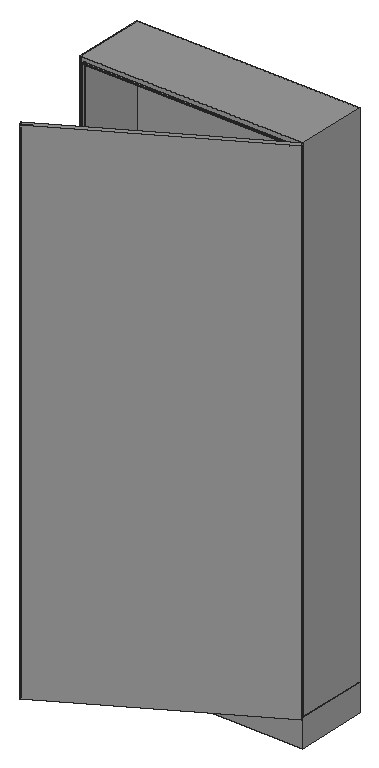
Revit family "Hager-Univers-IP55-D275-H1950-Cl.II-Steel_encl-NoHosted-BE-fr", category Electrical Equipment, Revit 2020
Family settings
  Panel Configuration = Two Columns, Circuits Across
  Round Connector Dimension = Use Diameter
  Part Type = Panelboard
  Work Plane-Based = Yes
  Always vertical = Yes
  Cut with Voids When Loaded = No
  Shared = No
  Room Calculation Point = No
Parameters (values of type "installation au sol IP55 L800 H1950 P275  - FR23S1")
  Width Control [instance] = if([EF000008 - largeur] > Min Width, [EF000008 - largeur], Min Width)  # 800 mm
  Type Comments = [HG000003 - Gamme]  # "Univers"
  Thickness Door [instance] = if([EF009171 - épaisseur de matériau de la porte/du couvercle] > 3 mm, 3 mm, [EF009171 - épaisseur de matériau de la porte/du couvercle])  # 1.5 mm
  Seal Frame Offset [instance] = 17 mm  # constant formula
  Plinth Visibility [instance] = [HG000027 - Hauteur du socle] > 0 mm  # yes
  Min Width [instance] = 100 mm  # constant formula
  Min Depth [instance] = (2 * [EF009170 - épaisseur de matériau du boîtier]) + 1 mm  # 4 mm
  Min Height [instance] = 100 mm  # constant formula
  Internal Frame Depth [instance] = (Door System Depth * 0.5)  # 9 mm
  Panel Name [instance] = ""  # (empty or 0)
  Model = ""
  HG000027 - Hauteur du socle = 100 mm
  HG000026 - Installation au sol = yes
  HG000024 - Hauteur de la section basse = 600 mm
  HG000023 - Armoire double section = no
  HG000016 - Visibilité de la porte 3D [instance] = yes
  HG000015 - Visibilité de l'emprise de la porte [instance] = no
  HG000014 - Porte à droite [instance] = yes
  HG000013 - Porte à gauche [instance] = not([HG000014 - Porte à droite])  # no
  HG000012 - Angle de pivotement de la porte [instance] = 30.00°
  HG000010 - Portes asymétriques = no
  HG000009 - Porte à double battant = no
  HG000006 - Encastré = no
  HG000004 - Référence fabricant = "FR23S1"
  HG000003 - Gamme = "Univers"
  HG000002 - avec porte = yes
  Frame Offset Bottom [instance] = 10 mm  # constant formula
  Frame Offset [instance] = 15 mm  # constant formula
  EF015940 - couvercle avec décharge de pression = no
  EF011959 - degré de protection (NEMA) = ""
  EF009554 - nombre d'ouvertures pour plaques à bride = 6
  EF009212 - finition du couvercle = "EV000116 - fermé"
  EF009171 - épaisseur de matériau de la porte/du couvercle = 1.5 mm
  EF009170 - épaisseur de matériau du boîtier = 1.5 mm
  EF008873 - courant nominal (In) = 800 A
  EF007800 - adapté à un parafoudre = no
  EF006306 - avec serrure = no
  EF006244 - couvercle/porte transparent(e) = no
  EF005474 - indice de protection (IP) = "EV006420 - IP55"
  EF004464 - type de porte = "EV002646 - unique"
  EF004427 - nombre de modules = 432
  EF004293 - indice de protection contre les chocs (IK) = "EV008784 - IK10"
  EF003532 - convient pour utilisation à l’extérieur = no
  EF002950 - largeur en nombre de modules = 24
  EF001613 - maintien de fonction = "EV000494 - sans"
  EF001596 - matériau du boîtier/corps = "EV000179 - acier"
  EF001131 - profondeur intérieure = 275 mm
  EF001088 - possibilité de montage en saillie = yes
  EF000437 - nombre d'entrées de conduit = 6
  EF000339 - type de capot = "EV004216 - porte"
  EF000266 - nombre de rangées = 12
  EF000218 - profondeur d'encastrement = 0 mm
  EF000118 - avec cadre/support de montage = no
  EF000116 - numéro RAL = "7035"
  EF000049 - profondeur = 275 mm
  EF000040 - hauteur = 1950 mm
  EF000008 - largeur = 800 mm
  EF000007 - couleur = "EV000270 - gris"
  EF000003 - mode de pose = "EV012274 - installation au sol"
  Door System Leaf Tolerance [instance] = 1.5 mm  # constant formula
  Door System Depth [instance] = 18 mm  # constant formula
  Door Height [instance] = Height Control - [HG000027 - Hauteur du socle]  # 1850 mm
  Description = ""
  Default Elevation = 1219.2 mm
  Connector Offset [instance] = Height Control / 2  # 975 mm
  Manufacturer = "Hager"  # constant formula
  Height Control [instance] = if([EF000040 - hauteur] > Min Height, [EF000040 - hauteur], Min Height)  # 1950 mm
  Depth Control [instance] = if([EF000049 - profondeur] > Min Depth, [EF000049 - profondeur], Min Depth)  # 275 mm
  Bottom Top Plate Trim [instance] = 1.5 mm  # constant formula
  Plinth height Ctrl [instance] = if([HG000027 - Hauteur du socle] > 0 mm, [HG000027 - Hauteur du socle], 12 mm)  # 100 mm
Types (11, lengths in mm): name | Width Control | HG000010 - Portes asymétriques | HG000009 - Porte à double battant | HG000004 - Référence fabricant | EF009554 - nombre d'ouvertures pour plaques à bride | EF006244 - couvercle/porte transparent(e) | EF004464 - type de porte | EF004427 - nombre de modules | EF000437 - nombre d'entrées de conduit | EF000008 - largeur
  installation au sol IP55 L1050 H1950 P275  - FR24L1 | 1050 | yes | yes | "FR24L1" | 8 | yes | "EV003602 - double" | 576 | 8 | 1050
  installation au sol IP55 L1050 H1950 P275  - FR24S1 | 1050 | yes | yes | "FR24S1" | 8 | no | "EV003602 - double" | 576 | 8 | 1050
  installation au sol IP55 L1300 H1950 P275  - FR25L1 | 1300 | yes | yes | "FR25L1" | 10 | yes | "EV003602 - double" | 720 | 10 | 1300
  installation au sol IP55 L1300 H1950 P275  - FR25S1 | 1300 | yes | yes | "FR25S1" | 10 | no | "EV003602 - double" | 720 | 10 | 1300
  installation au sol IP55 L1550 H1950 P275  - FR26L1 | 1550 | yes | yes | "FR26L1" | 12 | yes | "EV003602 - double" | 864 | 12 | 1550
  installation au sol IP55 L1550 H1950 P275  - FR26S1 | 1550 | yes | yes | "FR26S1" | 12 | no | "EV003602 - double" | 864 | 12 | 1550
  installation au sol IP55 L300 H1950 P275  - FR21S1 | 300 | no | no | "FR21S1" | 2 | no | "EV002646 - unique" | 144 | 2 | 300
  installation au sol IP55 L550 H1950 P275  - FR22L1 | 550 | no | no | "FR22L1" | 4 | yes | "EV002646 - unique" | 288 | 4 | 550
  installation au sol IP55 L550 H1950 P275  - FR22S1 | 550 | no | no | "FR22S1" | 4 | no | "EV002646 - unique" | 288 | 4 | 550
  installation au sol IP55 L800 H1950 P275  - FR23L1 | 800 | no | no | "FR23L1" | 6 | yes | "EV002646 - unique" | 432 | 6 | 800
  installation au sol IP55 L800 H1950 P275  - FR23S1 | 800 | no | no | "FR23S1" | 6 | no | "EV002646 - unique" | 432 | 6 | 800
Reference planes
  plane 1 "Center (Front/Back)": y = 0
  plane 2: z = 0
  plane 3 "Center (Left/Right)": x = 0
  plane 4: y = 0
  plane 5: y = 0
  plane 6: z = 0
  plane 7: x = -400
  plane 8: x = 400
  plane 9: x = 398.5
  plane 10: x = -398.5
  plane 11: z = 100
  plane 12: z = 101.5
  plane 13: y = -275
  plane 14: y = -1.5
  plane 15: x = 0
  plane 16: y = -257
  plane 17: y = -273.5
  plane 18: y = -255.5
  plane 19: x = -383.5
  plane 20: x = 383.5
  plane 21: z = 111.5
  plane 22: x = -383
  plane 23: x = 383
  plane 24: z = 100
  plane 25: z = 1950
  plane 26: z = 1950
  plane 27: z = 1933.5
  plane 28: z = 1948.5
Forms (mm)
  Extrusion 1, solid, material "Hager_Steel_RAL7035_Light_Grey", detail levels medium+fine
    sketch origin (-208.679, -4572, 100) x (-1, 0, 0) y (0, -1, 0)
      loop
        line (191.321, -4315) -> (-608.679, -4315) -> (-608.679, -4572) -> (191.321, -4572) -> (191.321, -4315)
    from 0 to 1850
  Extrusion 2, void
    sketch origin (-350.771, -275, 1219.2) x (1, 0, 0) y (0, 0, 1)
      loop
        line (-47.729, 729.3) -> (-47.729, -1117.7) -> (749.271, -1117.7) -> (749.271, 729.3) -> (-47.729, 729.3)
    from -19.5 to -273.5
  Extrusion 3, void
    sketch origin (-290.084, -257, 1219.2) x (1, 0, 0) y (0, 0, 1)
      loop
        line (-93.416, -1107.7) -> (673.584, -1107.7) -> (673.584, 714.3) -> (-93.416, 714.3) -> (-93.416, -1107.7)
    from 0 to -1.5
  Extrusion 4, solid, material "Hager_Steel_RAL7035_Light_Grey", visible <- "Plinth Visibility", detail levels medium+fine
    sketch origin (0, 0, 0) x (1, 0, 0) y (0, 1, 0)
      loop
        line (-400, 0) -> (-400, -257) -> (400, -257) -> (400, 0) -> (-400, 0)
    from 0 to 100 <- "Plinth height Ctrl"
  Extrusion 5, solid, material "Hager_Steel_RAL7035_Light_Grey", detail levels coarse
    sketch origin (0, 0, 0) x (1, 0, 0) y (0, 1, 0)
      loop
        line (-400, 0) -> (-400, -275) -> (400, -275) -> (400, 0) -> (-400, 0)
    from 0 to 1950 <- "Height Control"
  Sweep 6, void
    path in 3D
      loop
        line (-400, -257, 100) -> (400, -257, 100) -> (400, 0, 100) -> (-400, 0, 100) -> (-400, -257, 100)
    profile origin (-400, -128.5, 100) x (1, 0, 0) y (0, 0, 1)
      loop
        line (0, 0) -> (0, -1.5) -> (1.5, -1.5)
        arc (1.5, -1.5) -> (1.061, -0.439) -> (0, 0) r 1.5
  Extrusion 7, solid, material "Hager_Steel_RAL7035_Light_Grey", detail levels fine
    sketch origin (-400, -257, 100) x (1, 0, 0) y (0, 0, 1)
      loop
        line (16.5, 11.5) -> (783.5, 11.5) -> (783.5, 1833.5) -> (16.5, 1833.5) -> (16.5, 11.5)
      loop
        line (15, 10) -> (785, 10) -> (785, 1835) -> (15, 1835) -> (15, 10)
    from 0 to 9 <- "Internal Frame Depth"
Cuts and joins
  Extrusion 2, Extrusion 3 cuts Extrusion 1
  Sweep 6 cuts Extrusion 4
Lines and regions (mm)
  Masking region 1
    outline origin (0, 0, 0) x (1, 0, 0) y (0, 1, 0)
      loop
        line (-400, 0) -> (-400, -275) -> (400, -275) -> (400, 0) -> (-400, 0)
  Masking region 2, detail levels coarse
    outline origin (-290.084, -257, 1219.2) x (-1, 0, 0) y (0, 0, 1)
      loop
        line (-690.084, -1219.2) -> (109.916, -1219.2) -> (109.916, 730.8) -> (-690.084, 730.8) -> (-690.084, -1219.2)
  Masking region 3, detail levels coarse
    outline origin (0, 0, 0) x (0, 1, 0) y (0, 0, 1)
      loop
        line (0, 0) -> (0, 1950) -> (-275, 1950) -> (-275, 0) -> (0, 0)
  Masking region 4, visible <- "Plinth Visibility", detail levels medium+fine
    outline origin (0, 0, 0) x (0, 1, 0) y (0, 0, 1)
      loop
        line (-1.5, 100) -> (-255.5, 100)
        arc (-255.5, 100) -> (-255.939, 98.939) -> (-257, 98.5) r 1.5
        line (-257, 98.5) -> (-257, 0) -> (0, 0) -> (0, 98.5)
        arc (0, 98.5) -> (-1.061, 98.939) -> (-1.5, 100) r 1.5
  Masking region 5, detail levels medium+fine
    outline origin (0, 0, 594.038) x (0, 1, 0) y (0, 0, 1)
      loop
        line (0, -494.038) -> (0, 1355.962) -> (-257, 1355.962) -> (-257, -494.038) -> (0, -494.038)
  Masking region 6, detail levels medium+fine
    outline origin (-359.7, -257, 1211.883) x (-1, 0, 0) y (0, 0, 1)
      loop
        line (-759.7, -1111.883) -> (40.3, -1111.883) -> (40.3, 738.117) -> (-759.7, 738.117) -> (-759.7, -1111.883)
  Masking region 7, visible <- "Plinth Visibility", detail levels medium+fine
    outline origin (-320.334, -257, 1041.368) x (-1, 0, 0) y (0, 0, 1)
      loop
        line (-720.334, -1041.368) -> (79.666, -1041.368) -> (79.666, -942.868)
        arc (79.666, -942.868) -> (78.606, -942.429) -> (78.166, -941.368) r 1.5
        line (78.166, -941.368) -> (-718.834, -941.368)
        arc (-718.834, -941.368) -> (-719.273, -942.429) -> (-720.334, -942.868) r 1.5
        line (-720.334, -942.868) -> (-720.334, -1041.368)
  sketch lines
    curve 1: line (-400, 0, 100) -> (-400, -257, 100)
    curve 2: line (-400, -257, 100) -> (400, -257, 100)
    curve 3: line (400, 0, 100) -> (-400, 0, 100)
    curve 4: line (400, -257, 100) -> (400, 0, 100)
Dimensions and locks
  locked: plane 1 "Center (Front/Back)" to plane 5
  "EF009170 - épaisseur de matériau du boîtier": plane 7 to plane 10
  "EF009170 - épaisseur de matériau du boîtier": plane 8 to plane 9
  equal spacing: plane 7, plane 3 "Center (Left/Right)", plane 8
  "Width Control": plane 7 to plane 8
  "Depth Control": plane 4 to plane 13
  "EF009170 - épaisseur de matériau du boîtier": plane 4 to plane 14
  "Height Control": plane 25 to level
  "HG000027 - Hauteur du socle": plane 11 to level
  "EF009170 - épaisseur de matériau du boîtier": plane 12 to plane 11
  "EF009170 - épaisseur de matériau du boîtier": plane 17 to plane 13
  "EF009170 - épaisseur de matériau du boîtier": plane 18 to plane 16
  "Frame Offset Bottom": plane 21 to plane 12
  "Frame Offset": plane 10 to plane 19
  "Frame Offset": plane 9 to plane 20
  "Door System Depth": plane 16 to plane 13
  "Seal Frame Offset": plane 7 to plane 22
  "Seal Frame Offset": plane 8 to plane 23
  "EF009170 - épaisseur de matériau du boîtier": plane 26 to plane 28
  "Frame Offset": plane 28 to plane 27
  "Connector Offset": plane 2 to connector elem
  "Bottom Top Plate Trim": profile plane to Sweep 6 sketch curve
  "Bottom Top Plate Trim": Sweep 6 sketch curve to Sweep 6 sketch curve
  "Plinth height Ctrl": Masking region 4 sketch curve to level
  "Plinth height Ctrl": Masking region 7 sketch curve to level
  "Thickness Door": Extrusion 7 sketch curve to Extrusion 7 sketch curve  (x4)
  "Bottom Top Plate Trim": radius of Sweep 6 sketch curve
  "Bottom Top Plate Trim": radius of Masking region 4 sketch curve  (x2)
  "Bottom Top Plate Trim": radius of Masking region 7 sketch curve  (x2)
  aligned and locked: Extrusion 2 sketch curve to plane 12
  aligned and locked: Extrusion 2 sketch curve to plane 9
  aligned and locked: Extrusion 2 sketch curve to plane 10
  aligned and locked: Extrusion 2 to plane 14
  aligned and locked: Extrusion 1 sketch curve to plane 4
  aligned and locked: plane 8 to Extrusion 1 sketch curve
  aligned and locked: plane 7 to Extrusion 1 sketch curve
  aligned and locked: Extrusion 2 to plane 18
  aligned and locked: Extrusion 3 sketch curve to plane 19
  aligned and locked: plane 20 to Extrusion 3 sketch curve
  aligned and locked: Extrusion 3 to Extrusion 2
  aligned and locked: Extrusion 3 sketch curve to plane 21
  aligned and locked: plane 3 "Center (Left/Right)" to nested 1
  aligned and locked: Extrusion 1 sketch curve to plane 16
  aligned and locked: Extrusion 4 sketch curve to cut or joined group of Extrusion 1, Extrusion 2, Extrusion 3
  aligned and locked: Masking region 1 sketch curve to plane 7
  aligned and locked: Masking region 1 sketch curve to plane 5
  aligned and locked: Masking region 1 sketch curve to plane 8
  aligned and locked: Masking region 2 sketch curve to level
  aligned and locked: level to Masking region 3 sketch curve
  aligned and locked: plane 1 "Center (Front/Back)" to Masking region 3 sketch curve
  aligned and locked: plane 13 to Masking region 3 sketch curve
  aligned and locked: plane 5 to Masking region 4 sketch curve
  aligned and locked: Masking region 2 sketch curve to plane 8
  aligned and locked: Masking region 2 sketch curve to plane 7
  aligned and locked: plane 7 to nested 2
  aligned and locked: nested 2 to plane 5
  aligned and locked: plane 5 to Masking region 5 sketch curve
  aligned and locked: plane 26 to Masking region 5 sketch curve
  aligned and locked: Extrusion 5 sketch curve to plane 8
  aligned and locked: Extrusion 5 sketch curve to plane 7
  aligned and locked: Extrusion 5 sketch curve to plane 5
  aligned and locked: Extrusion 3 sketch curve to plane 27
  aligned and locked: Extrusion 2 sketch curve to plane 28
  aligned and locked: Masking region 2 to plane 25
  aligned and locked: Extrusion 4 to plane 16
  aligned and locked: profile plane to Sweep 6 sketch curve
  aligned and locked: Masking region 5 sketch curve to plane 24
  aligned and locked: level to Masking region 4 sketch curve
  aligned and locked: Masking region 1 to plane 13
  aligned and locked: nested 1 to plane 16
  aligned and locked: Masking region 3 to plane 25
  aligned and locked: plane 16 to Masking region 4 sketch curve
  aligned and locked: Masking region 5 sketch curve to plane 16
  aligned and locked: plane 24 to plane 11
  aligned and locked: plane 26 to plane 25
  aligned and locked: plane 26 to cut or joined group of Extrusion 1, Extrusion 2, Extrusion 3
  aligned and locked: nested 1 to plane 24
  aligned and locked: Extrusion 1 to Extrusion 3
  aligned and locked: Masking region 6 sketch curve to plane 8
  aligned and locked: Masking region 6 sketch curve to plane 24
  aligned and locked: Masking region 6 sketch curve to plane 7
  aligned and locked: Masking region 6 sketch curve to plane 26
  aligned and locked: Masking region 7 sketch curve to plane 7
  aligned and locked: level to Masking region 7 sketch curve
  aligned and locked: Masking region 7 sketch curve to plane 8
  aligned and locked: Extrusion 7 sketch curve to cut or joined group of Extrusion 1, Extrusion 2, Extrusion 3  (x4)
Automatic sketch dimensions
  plane 19 to Extrusion 3 sketch curve = 0 mm
  Extrusion 3 sketch curve to plane 20 = 0 mm
  Extrusion 3 sketch curve to plane 21 = 0 mm
  Extrusion 4 sketch curve to plane 7 = 0 mm
  Extrusion 4 sketch curve to plane 8 = 0 mm
  Extrusion 4 sketch curve to plane 16 = 0 mm
  Masking region 1 sketch curve to plane 13 = 0 mm
  Masking region 2 sketch curve to plane 25 = 0 mm
  Masking region 3 sketch curve to plane 25 = 0 mm
  Extrusion 5 sketch curve to plane 13 = 0 mm
  profile plane to Sweep 6 sketch curve = 0 mm
Nested families
  nested 1: "EC000058_Univers_Door" at (0, -257, 100), Double <- "HG000009 - Porte à double battant", Transparent <- "EF006244 - couvercle/porte transparent(e)", Angle <- "HG000012 - Angle de pivotement de la porte", Door_Right <- "HG000014 - Porte à droite", Assymetrical <- "HG000010 - Portes asymétriques", Door <- "HG000002 - avec porte", Width_Ctrl <- "Width Control", 3d_Door <- "HG000016 - Visibilité de la porte 3D", Clearance <- "HG000015 - Visibilité de l'emprise de la porte", Door_Left <- "HG000013 - Porte à gauche", Width <- "Width Control", Door_Depth <- "Door System Depth", Leaf_Tolerance <- "Door System Leaf Tolerance", Height <- "Door Height", Lock_Visibility <- "EF006306 - avec serrure", Thickness <- "Thickness Door", type "EC000058_Univers_Door", detail levels medium+fine
    with min_wh 4 mm, Width_Ctrl 800 mm, Width 800 mm, Transparent no, Thickness 1.5 mm, Seal_Material Hager_Rubber, Lock_Visibility no, Lock_Material Hager_Plastic_RAL9005_Jet_Black, Leaf_Width 800 mm, Leaf_Tolerance_External_Sides 0 mm, Leaf_Tolerance 1.5 mm, Leaf_Offset 0 mm, Leaf_Height 1847 mm, Leaf_2_Width 800 mm, Leaf_2_Offset 400 mm, Leaf_1_Width 800 mm, Leaf_1_Offset 400 mm, Height_Ctrl 1850 mm, Height 1850 mm, Glass_Material Hager_Glass, Double_Clearance_Ctrl no, Double no, Door_Right_Ctrl yes, Door_Right yes, Door_Material Hager_Steel_RAL7035_Light_Grey, Door_Left_Ctrl no, Door_Left no, Door_Depth 18 mm, Door yes, Clearance_Material Hager_Clearance, Clearance_Depth 800 mm, Clearance_Ctrl no, Clearance no, Assymetrical no, Angle 30.00°, 3d_Door yes
  nested 2: "Hager_Enclosure_Symbol" at (-400, 0, 0), Height <- "Depth Control", Width <- "Width Control", type "Hager_Enclosure_Symbol"
    with Width_Ctrl 800 mm, Width 800 mm, Height_Ctrl 275 mm, Height 275 mm, A_Width_Int 18.047 mm, A_Width 216.562 mm, A_Height_Ctrl 240.625 mm, A_Height 240.625 mm
Connectors
  electrical at (0, 0, 975)
    settings: on plane 1 "Center (Front/Back)", index 1, voltage 0 V, apparent load 0 VA, apparent load phase1 0 VA, apparent load phase2 0 VA, apparent load phase3 0 VA, power factor 1, load classification "Other", number of poles 1, system type 30, power factor state 1, is connector primary yes, connector utility no, sub classification motor no, connector description ""
Definition of nested family "EC000058_Univers_Door"
  Parameters (values of type "EC000058_Univers_Door")
    min_wh [instance] = (2 * Thickness) + 1 mm  # 11 mm
    Width_Ctrl [instance] = 400 mm
    Width [instance] = 500 mm
    Transparent [instance] = yes
    Thickness [instance] = 5 mm
    Seal_Material [instance] = none
    Lock_Visibility [instance] = yes
    Lock_Material [instance] = none
    Leaf_Width [instance] = if((Width_Ctrl - 2 * Leaf_Tolerance_External_Sides) > 0 mm, (Width_Ctrl - 2 * Leaf_Tolerance_External_Sides), min_wh)  # 400 mm
    Leaf_Tolerance_External_Sides [instance] = 0 mm  # constant formula
    Leaf_Tolerance [instance] = 1.5 mm
    Leaf_Offset [instance] = 0 mm  # constant formula
    Leaf_Height [instance] = if((Height_Ctrl - 2 * Leaf_Tolerance) > 0 mm, (Height_Ctrl - 2 * Leaf_Tolerance), min_wh)  # 497 mm
    Leaf_2_Width [instance] = if(and(and(Double, Assymetrical), Door_Left), (Leaf_Width / 3) - (Leaf_Tolerance / 2), if(and(and(Double, Assymetrical), Door_Right), (Leaf_Width / 3) * 2 - (Leaf_Tolerance / 2), if(and(Double, not(Assymetrical)), (Leaf_Width / 2) - Leaf_Tolerance, Leaf_Width)))  # 400 mm
    Leaf_2_Offset [instance] = if(and(Double, Assymetrical), Leaf_2_Width / 2, if(and(Double, not(Assymetrical)), Leaf_Width / 4, Leaf_Width / 2))  # 200 mm
    Leaf_1_Width [instance] = if(and(and(Double, Assymetrical), Door_Right), (Leaf_Width / 3) - (Leaf_Tolerance / 2), if(and(and(Double, Assymetrical), Door_Left), (Width / 3) * 2 - (Leaf_Tolerance / 2), if(and(Double, not(Assymetrical)), (Leaf_Width / 2) - Leaf_Tolerance, Leaf_Width)))  # 400 mm
    Leaf_1_Offset [instance] = if(and(Double, Assymetrical), Leaf_1_Width / 2, if(and(Double, not(Assymetrical)), Leaf_Width / 4, Leaf_Width / 2))  # 200 mm
    Height_Ctrl [instance] = if(Height > min_wh, Height, min_wh)  # 500 mm
    Height [instance] = 500 mm
    Glass_Material [instance] = none
    Double_Clearance_Ctrl [instance] = and(Double, Clearance)  # no
    Double [instance] = no
    Door_Right_Ctrl [instance] = and(or(Door_Right, Double), Door)  # yes
    Door_Right [instance] = yes
    Door_Material [instance] = none
    Door_Left_Ctrl [instance] = and(or(Door_Left, Double), Door)  # no
    Door_Left [instance] = no
    Door_Depth [instance] = 30 mm
    Door [instance] = yes
    Default Elevation = 1219.2 mm
    Clearance_Material [instance] = none
    Clearance_Depth [instance] = if(Leaf_1_Width > Leaf_2_Width, Leaf_1_Width, Leaf_2_Width)  # 400 mm
    Clearance_Ctrl [instance] = and(not(Double), Clearance)  # yes
    Clearance [instance] = yes
    Assymetrical [instance] = yes
    Angle [instance] = 30.00°
    3d_Door [instance] = yes
  Reference planes
    plane 1 "Center (Front/Back)": y = 0
    plane 2 "Bottom": z = 0
    plane 3 "Center (Left/Right)": x = 0
    plane 4: z = 500
    plane 5: x = -200
    plane 6: x = 200
    plane 7: z = 500
    plane 8: x = -200
    plane 9: z = 0
    plane 10: x = 200
    plane 11: y = 0
    plane 12: z = 1.5
    plane 13: x = -600
    plane 14: y = -400
    plane 15: x = 600
    plane 16: x = 0
    plane 17: x = 0
    plane 18: x = -200
    plane 19: x = 200
    plane 20: z = 498.5
  Forms (mm)
    Extrusion 1, solid, material <- "Clearance_Material", visible <- "Double_Clearance_Ctrl"
      sketch origin (1200, 0, 0) x (1, 0, 0) y (0, 0, -1)
        loop
          line (-1800, -498.5) -> (-600, -498.5) -> (-600, 0) -> (-1800, 0) -> (-1800, -498.5)
      from 0 to -400
  Dimensions and locks
    equal spacing: plane 5, plane 3 "Center (Left/Right)", plane 6
    "Width_Ctrl": plane 5 to plane 6
    "Leaf_Offset": plane 5 to plane 8
    "Leaf_Offset": plane 6 to plane 10
    "Leaf_Offset": plane 9 to level
    "Leaf_Offset": plane 4 to plane 7
    "Height_Ctrl": plane 4 to level
    "Leaf_Tolerance": plane 12 to plane 9
    locked: plane 11 to plane 1 "Center (Front/Back)"
    "Leaf_1_Offset": plane 18 to plane 16
    "Leaf_2_Offset": plane 17 to plane 19
    "Leaf_1_Width": plane 13 to plane 8
    "Leaf_2_Width": plane 10 to plane 15
    "Clearance_Depth": plane 14 to plane 1 "Center (Front/Back)"
    "Leaf_Tolerance_External_Sides": plane 8 to plane 18
    "Leaf_Tolerance_External_Sides": plane 19 to plane 10
    "Leaf_Tolerance": plane 7 to plane 20
    aligned and locked: level to plane 2 "Bottom"
    aligned and locked: nested 1 to plane 16
    aligned and locked: nested 2 to plane 17
    aligned and locked: Extrusion 1 to plane 13
    aligned and locked: plane 15 to Extrusion 1
    aligned and locked: Extrusion 1 to plane 14
    aligned and locked: plane 12 to nested 1
    aligned and locked: nested 2 to plane 12
    aligned and locked: Extrusion 1 to plane 11
    aligned and locked: plane 20 to Extrusion 1
    aligned and locked: nested 2 to plane 11
    aligned and locked: nested 1 to plane 11
  Automatic sketch dimensions
    Extrusion 1 sketch curve to level = 0 mm
    plane 5 to Extrusion 1 sketch curve = 400 mm
    plane 6 to Extrusion 1 sketch curve = 400 mm
    Extrusion 1 sketch curve to plane 4 = 1.5 mm
  Nested families
    nested 1: "EC000058_Univers_Door_Leaf" at (0, 0, 1.5), Width <- "Leaf_1_Width", visible <- "Door_Left_Ctrl", Leaf_Height <- "Leaf_Height", Angle <- "Angle", 3d_Door <- "3d_Door", Transparent <- "Transparent", Clearance Material <- "Clearance_Material", Clearance <- "Clearance_Ctrl", Door_Material <- "Door_Material", Glass_Material <- "Glass_Material", Door_Depth <- "Door_Depth", Lock_Material <- "Lock_Material", Seal_Material <- "Seal_Material", Lock_Visibility <- "Lock_Visibility", Thickness <- "Thickness", type "EC000058_Univers_Door_Leaf"
      with Width 400 mm, Transparent_Glass_Offset 30 mm, Transparent_Ctrl yes, Transparent yes, Thickness 5 mm, Standard no, Seal_Material none, Seal_D2 8 mm, Seal_D1 1 mm, Offset_Internal_Frame 10 mm, Lock_Width 20 mm, Lock_Visibility_3d yes, Lock_Visibility yes, Lock_Thickness_3 3 mm, Lock_Thickness_2 1 mm, Lock_Thickness_1 3 mm, Lock_Radius_Offset_2 16 mm, Lock_Radius_Offset_1 15 mm, Lock_Radius_2 5 mm, Lock_Radius 6 mm, Lock_Offset 5 mm, Lock_Material none, Lock_Height 80 mm, Lock_Cover_Top_Offset_2d 17 mm, Lock_Cover_Height -65 mm, Leaf_Height 497 mm, Internal_Seal_Thickness 8 mm, Internal_Seal_Depth_2 4.5 mm, Internal_Frame_Depth 25 mm, Glass_Thickness -1 mm, Glass_Offset -2 mm, Glass_Material none, Door_Material none, Door_Depth 30 mm, Clearance Material none, Clearance yes, Angle_Ctrl 30.00°, Angle 30.00°, 3d_Door yes
    nested 2: "EC000058_Univers_Door_Leaf" at (0, 0, 1.5) x (-1, 0, 0) z (0, 0, 1), Width <- "Leaf_2_Width", visible <- "Door_Right_Ctrl", Leaf_Height <- "Leaf_Height", Angle <- "Angle", 3d_Door <- "3d_Door", Transparent <- "Transparent", Clearance Material <- "Clearance_Material", Clearance <- "Clearance_Ctrl", Door_Material <- "Door_Material", Glass_Material <- "Glass_Material", Door_Depth <- "Door_Depth", Lock_Material <- "Lock_Material", Seal_Material <- "Seal_Material", Lock_Visibility <- "Lock_Visibility", Thickness <- "Thickness", type "EC000058_Univers_Door_Leaf"
      with Width 400 mm, Transparent_Glass_Offset 30 mm, Transparent_Ctrl yes, Transparent yes, Thickness 5 mm, Standard no, Seal_Material none, Seal_D2 8 mm, Seal_D1 1 mm, Offset_Internal_Frame 10 mm, Lock_Width 20 mm, Lock_Visibility_3d yes, Lock_Visibility yes, Lock_Thickness_3 3 mm, Lock_Thickness_2 1 mm, Lock_Thickness_1 3 mm, Lock_Radius_Offset_2 16 mm, Lock_Radius_Offset_1 15 mm, Lock_Radius_2 5 mm, Lock_Radius 6 mm, Lock_Offset 5 mm, Lock_Material none, Lock_Height 80 mm, Lock_Cover_Top_Offset_2d 17 mm, Lock_Cover_Height -65 mm, Leaf_Height 497 mm, Internal_Seal_Thickness 8 mm, Internal_Seal_Depth_2 4.5 mm, Internal_Frame_Depth 25 mm, Glass_Thickness -1 mm, Glass_Offset -2 mm, Glass_Material none, Door_Material none, Door_Depth 30 mm, Clearance Material none, Clearance yes, Angle_Ctrl 30.00°, Angle 30.00°, 3d_Door yes
  Definition of nested family "EC000058_Univers_Door_Leaf"
    Parameters (values of type "EC000058_Univers_Door_Leaf")
      Width [instance] = 2000 mm
      Transparent_Glass_Offset [instance] = 30 mm
      Transparent_Ctrl [instance] = and(Transparent, [3d_Door])  # yes
      Transparent [instance] = yes
      Thickness [instance] = 5 mm
      Standard [instance] = and(not(Transparent), [3d_Door])  # no
      Seal_Material [instance] = none
      Seal_D2 [instance] = 8 mm  # constant formula
      Seal_D1 [instance] = 1 mm  # constant formula
      Offset_Internal_Frame [instance] = 10 mm  # constant formula
      Lock_Width [instance] = 20 mm  # constant formula
      Lock_Visibility_3d [instance] = and(Lock_Visibility, [3d_Door])  # yes
      Lock_Visibility [instance] = yes
      Lock_Thickness_3 [instance] = 3 mm  # constant formula
      Lock_Thickness_2 [instance] = 1 mm  # constant formula
      Lock_Thickness_1 [instance] = 3 mm  # constant formula
      Lock_Radius_Offset_2 [instance] = Lock_Radius_Offset_1 + 1 mm  # 16 mm
      Lock_Radius_Offset_1 [instance] = 15 mm  # constant formula
      Lock_Radius_2 [instance] = Lock_Radius - 1 mm  # 5 mm
      Lock_Radius [instance] = 6 mm  # constant formula
      Lock_Offset [instance] = 5 mm  # constant formula
      Lock_Material [instance] = none
      Lock_Height [instance] = 80 mm  # constant formula
      Lock_Cover_Top_Offset_2d [instance] = Lock_Radius_Offset_2 + 1 mm  # 17 mm
      Lock_Cover_Height [instance] = -(Lock_Height - Lock_Radius_Offset_1)  # -65 mm
      Leaf_Height [instance] = 2720.336 mm
      Internal_Seal_Thickness [instance] = 8 mm  # constant formula
      Internal_Seal_Depth_2 [instance] = 4.5 mm  # constant formula
      Internal_Frame_Depth [instance] = if(Door_Depth - Thickness > 5 mm, Door_Depth - Thickness, 5 mm)  # 25 mm
      Glass_Thickness [instance] = if(Thickness > 15 mm, Glass_Offset + 10 mm, -1 mm)  # -1 mm
      Glass_Offset [instance] = if(Thickness > 15 mm, -(Thickness + 10 mm) / 2, -2 mm)  # -2 mm
      Glass_Material [instance] = none
      Door_Material [instance] = none
      Door_Depth [instance] = 30 mm
      Default Elevation = 0 mm
      Clearance Material [instance] = none
      Clearance [instance] = yes
      Angle_Ctrl [instance] = if(Angle > 180.00°, 180.00°, Angle)  # 90.00°
      Angle [instance] = 90.00°
      3d_Door [instance] = yes
    Reference planes
      plane 1 "Center (Front/Back)": y = 0
      plane 2: z = 0
      plane 3 "Center (Left/Right)": x = 0
      plane 4: y = 2000
      plane 5: x = -1000
      plane 6: x = 1000
      plane 7: x = -3000
      plane 8: z = 2720.336
      plane 9: z = 30
      plane 10: z = 2690.336
      plane 11: x = 970
      plane 12: x = -970
      plane 13: y = -3
      plane 14: z = 107.833
      plane 15: y = -5
      plane 16: y = -223.314
      plane 17: x = -1000
      plane 18: z = 1360.168
      plane 19: y = 30
    Forms (mm)
      Extrusion 1, solid, material <- "Clearance Material", visible <- "Clearance"
        sketch origin (0, 0, 0) x (1, 0, 0) y (0, 0, 1)
          loop
            line (-3000, 2720.336) -> (-3000, 0) -> (1000, 0) -> (1000, 2720.336) -> (-3000, 2720.336)
        from 0 to -2000
      Extrusion 2, solid, material <- "Door_Material", visible <- "Standard", detail levels medium+fine
        sketch origin (-1000, 0, 0) x (0, 1, 0) y (-1, 0, 0)
          loop
            line (0, 30) -> (0, 25) -> (2000, 25) -> (2000, 30) -> (0, 30)
        from 0 to 2720.336 <- "Leaf_Height"
      Extrusion 3, solid, material <- "Door_Material", visible <- "Transparent_Ctrl", detail levels medium+fine
        sketch origin (-1000, 0, 0) x (0, 1, 0) y (-1, 0, 0)
          loop
            line (0, 25) -> (2000, 25) -> (2000, 30) -> (0, 30) -> (0, 25)
        from 0 to 2720.336 <- "Leaf_Height"
      Extrusion 4, void
        sketch origin (-1025, 2000, 0) x (0, 1, 0) y (0, 0, -1)
          loop
            line (-30, -2690.336) -> (-30, -30) -> (-1970, -30) -> (-1970, -2690.336) -> (-30, -2690.336)
        from 0 to 5 <- "Thickness"
      Sweep 5, solid, material <- "Seal_Material", visible <- "Transparent_Ctrl", detail levels fine
        path in 3D
          loop
            line (-1025, 30, 30) -> (-1025, 30, 2690.336) -> (-1025, 1970, 2690.336) -> (-1025, 1970, 30) -> (-1025, 30, 30)
        profile origin (-1025, 1000, 30) x (1, 0, 0) y (0, 0, 1)
          loop
            line (0, 0) -> (0, -8) -> (1, -8) -> (1, 0) -> (0, 0)
      Extrusion 6, solid, material <- "Glass_Material", visible <- "Transparent_Ctrl", detail levels medium+fine
        sketch origin (-1030, 0, 0) x (0, 1, 0) y (0, 0, -1)
          loop
            line (1970, -2690.336) -> (1970, -30) -> (30, -30) -> (30, -2690.336) -> (1970, -2690.336)
        from -2 <- "Glass_Offset" to -1 <- "Glass_Thickness"
      Extrusion 7, solid, material <- "Door_Material", visible <- "3d_Door", detail levels medium+fine
        sketch origin (-1025, 2000, 0) x (0, -1, 0) y (0, 0, -1)
          loop
            line (0, -2720.336) -> (2000, -2720.336) -> (2000, 0) -> (0, 0) -> (0, -2720.336)
          loop
            line (1995, -5) -> (5, -5) -> (5, -2715.336) -> (1995, -2715.336) -> (1995, -5)
        from 0 to 25 <- "Internal_Frame_Depth"
      Sweep 8, solid, material <- "Seal_Material", visible <- "Transparent_Ctrl", detail levels fine
        path in 3D
          loop
            line (-1025, 0, 0) -> (-1025, 2000, 0) -> (-1025, 2000, 2720.336) -> (-1025, 0, 2720.336) -> (-1025, 0, 0)
        profile origin (-1025, 0, 1360.168) x (1, 0, 0) y (0, 1, 0)
          loop
            line (0, 10) -> (2.975, 10)
            arc (2.975, 10) -> (4.053, 10.447) -> (4.5, 11.525) r 1.525
            line (4.5, 11.525) -> (4.5, 16.527)
            arc (4.5, 16.527) -> (4.069, 17.569) -> (3.027, 18) r 1.473
            line (3.027, 18) -> (0, 18) -> (0, 10)
      Extrusion 9, solid, material <- "Lock_Material", visible <- "Lock_Visibility_3d", detail levels fine
        sketch origin (-1030, 0, 0) x (0, 1, 0) y (0, 0, -1)
          loop
            arc (1993.5, -1400.168) -> (1994.561, -1399.729) -> (1995, -1398.668) r 1.5
            line (1995, -1398.668) -> (1995, -1320.168) -> (1975, -1320.168) -> (1975, -1398.668)
            arc (1975, -1398.668) -> (1975.439, -1399.729) -> (1976.5, -1400.168) r 1.5
            line (1976.5, -1400.168) -> (1993.5, -1400.168)
        from 3 <- "Lock_Thickness_1" to 0
      Blend 10, solid, material <- "Lock_Material", visible <- "Lock_Visibility_3d", detail levels fine
        base sketch origin (-1033, 0, 0) x (0, 1, 0) y (0, 0, -1)
          loop
            line (1975, -1320.168) -> (1975, -1398.668)
            arc (1975, -1398.668) -> (1975.439, -1399.729) -> (1976.5, -1400.168) r 1.5
            line (1976.5, -1400.168) -> (1993.5, -1400.168)
            arc (1993.5, -1400.168) -> (1994.561, -1399.729) -> (1995, -1398.668) r 1.5
            line (1995, -1398.668) -> (1995, -1320.168) -> (1975, -1320.168)
        top sketch origin (-1033, 0, 0) x (0, 1, 0) y (0, 0, -1)
          loop
            line (1976, -1320.168) -> (1976, -1398.668)
            arc (1976, -1398.668) -> (1976.146, -1399.022) -> (1976.5, -1399.168) r 0.5
            line (1976.5, -1399.168) -> (1993.5, -1399.168)
            arc (1993.5, -1399.168) -> (1993.854, -1399.022) -> (1994, -1398.668) r 0.5
            line (1994, -1398.668) -> (1994, -1320.168) -> (1976, -1320.168)
        from 0 to 1 <- "Lock_Thickness_2"
      Blend 11, solid, material <- "Lock_Material", visible <- "Lock_Visibility_3d", detail levels fine
        base sketch origin (-1034, 0, 0) x (0, 1, 0) y (0, 0, -1)
          loop
            line (1978, -1320.168) -> (1978, -1384.168)
            arc (1978, -1384.168) -> (1985, -1391.168) -> (1992, -1384.168) r 7
            line (1992, -1384.168) -> (1992, -1320.168) -> (1978, -1320.168)
        top sketch origin (-1034, 0, 0) x (0, 1, 0) y (0, 0, -1)
          loop
            line (1991, -1320.168) -> (1979, -1320.168) -> (1979, -1383.168)
            arc (1979, -1383.168) -> (1985, -1389.168) -> (1991, -1383.168) r 6
            line (1991, -1383.168) -> (1991, -1320.168)
        from 0 to 3 <- "Lock_Thickness_3"
      Extrusion 12, solid, material <- "Lock_Material", visible <- "Lock_Visibility_3d", detail levels fine
        sketch origin (-1030, 1975, 1320.168) x (1, 0, 0) y (0, -1, 0)
          loop
            line (-7, -19) -> (-7, -1) -> (0, -1) -> (0, 0) -> (-8, 0) -> (-8, -20) -> (0, -20) -> (0, -19) -> (-7, -19)
        from 0 to -65 <- "Lock_Cover_Height"
      Extrusion 13, void
        sketch origin (-1038, 1995, 1320.168) x (-1, 0, 0) y (0, 0, -1)
          loop
            line (-5, -65) -> (0, -65) -> (-5, -60) -> (-5, -65)
        from 0 to 20 <- "Lock_Width"
      Extrusion 14, void
        sketch origin (-1038, 1975, 1320.168) x (0, -1, 0) y (0, 0, -1)
          loop
            circle (-10, -15.995) r 6
          loop
            circle (-10, -15.995) r 5
        from 0 to 2
      Extrusion 15, solid, material <- "Lock_Material", visible <- "Lock_Visibility_3d", detail levels medium
        sketch origin (-1030, 0, 0) x (0, 1, 0) y (0, 0, -1)
          loop
            arc (1993.5, -1400.168) -> (1994.561, -1399.729) -> (1995, -1398.668) r 1.5
            line (1995, -1398.668) -> (1995, -1320.168) -> (1975, -1320.168) -> (1975, -1398.668)
            arc (1975, -1398.668) -> (1975.439, -1399.729) -> (1976.5, -1400.168) r 1.5
            line (1976.5, -1400.168) -> (1993.5, -1400.168)
        from 8 to 0
    Cuts and joins
      Extrusion 4 cuts Extrusion 3
      Extrusion 13, Extrusion 14 cuts Extrusion 9
      Extrusion 14 cuts Blend 11
      Extrusion 13, Extrusion 14 cuts Extrusion 12
      joined: Extrusion 9, Blend 10, Blend 11, Extrusion 12
      Extrusion 14 cuts Extrusion 15
    Lines and regions (mm)
      Masking region 1, visible <- "Lock_Visibility", detail levels fine
        outline origin (0, 0, 0) x (0, 1, 0) y (0, 0, 1)
          loop
            line (30, 1320.168) -> (33, 1320.168) -> (33, 1400.168) -> (30, 1400.168) -> (30, 1320.168)
      Masking region 2, visible <- "Lock_Visibility", detail levels fine
        outline origin (0, 3.143, 0) x (0, 1, 0) y (0, 0, 1)
          loop
            line (29.857, 1354.168) -> (30.857, 1354.168) -> (30.857, 1366.168) -> (29.857, 1366.168) -> (29.857, 1354.168)
      Masking region 3, detail levels medium+fine
        outline origin (0, 0, 0) x (0, 1, 0) y (0, 0, 1)
          loop
            line (0, 0) -> (30, 0) -> (30, 2720.336) -> (0, 2720.336) -> (0, 0)
      Masking region 4, detail levels medium+fine
        outline origin (0, 0, 0) x (1, 0, 0) y (0, 0, 1)
          loop
            line (-1000, 2720.336) -> (-1000, 0) -> (1000, 0) -> (1000, 2720.336) -> (-1000, 2720.336)
      Masking region 5, visible <- "Lock_Visibility", detail levels fine
        outline origin (-47.116, 0, 0) x (1, 0, 0) y (0, 0, 1)
          loop
            arc (1024.616, 1399.168) -> (1023.556, 1398.729) -> (1023.116, 1397.668) r 1.5
            line (1023.116, 1397.668) -> (1023.116, 1320.168) -> (1041.116, 1320.168) -> (1041.116, 1397.668)
            arc (1041.116, 1397.668) -> (1040.677, 1398.729) -> (1039.616, 1399.168) r 1.5
            line (1039.616, 1399.168) -> (1024.616, 1399.168)
      Masking region 6, visible <- "Lock_Visibility", detail levels medium+fine
        outline origin (-25, 0, 0) x (1, 0, 0) y (0, 0, 1)
          loop
            arc (1001.5, 1400.168) -> (1000.439, 1399.729) -> (1000, 1398.668) r 1.5
            line (1000, 1398.668) -> (1000, 1320.168) -> (1020, 1320.168) -> (1020, 1398.668)
            arc (1020, 1398.668) -> (1019.561, 1399.729) -> (1018.5, 1400.168) r 1.5
            line (1018.5, 1400.168) -> (1001.5, 1400.168)
      Masking region 7, visible <- "Lock_Visibility", detail levels fine
        outline origin (-73.735, 0, 0) x (1, 0, 0) y (0, 0, 1)
          loop
            line (1051.735, 1382.168) -> (1065.735, 1382.168) -> (1065.735, 1384.168)
            arc (1065.735, 1384.168) -> (1058.735, 1391.168) -> (1051.735, 1384.168) r 7
            line (1051.735, 1384.168) -> (1051.735, 1382.168)
      Masking region 8, visible <- "Lock_Visibility", detail levels fine
        outline origin (-73.735, 0, 0) x (1, 0, 0) y (0, 0, 1)
          loop
            line (1052.735, 1382.168) -> (1064.735, 1382.168) -> (1064.735, 1383.168)
            arc (1064.735, 1383.168) -> (1058.735, 1389.168) -> (1052.735, 1383.168) r 6
            line (1052.735, 1383.168) -> (1052.735, 1382.168)
      Masking region 9, visible <- "Lock_Visibility", detail levels fine
        outline origin (-25, 0, 0) x (1, 0, 0) y (0, 0, 1)
          loop
            line (1020, 1320.168) -> (1020, 1382.168) -> (1000, 1382.168) -> (1000, 1320.168) -> (1020, 1320.168)
      Masking region 10, detail levels medium+fine
        outline origin (0, 0, 0) x (1, 0, 0) y (0, 0, 1)
          loop
            circle (985, 1335.144) r 6
      Masking region 11, detail levels fine
        outline origin (0, 0, 0) x (1, 0, 0) y (0, 0, 1)
          loop
            circle (985, 1335.144) r 5
      Masking region 12, visible <- "Lock_Visibility", detail levels fine
        outline origin (0, 12.767, 0) x (0, 1, 0) y (0, 0, 1)
          loop
            line (20.233, 1320.168) -> (21.233, 1320.168) -> (21.233, 1399.168) -> (20.233, 1400.168) -> (20.233, 1320.168)
      Masking region 13, visible <- "Lock_Visibility", detail levels fine
        outline origin (0, 13.767, -10) x (0, 1, 0) y (0, 0, 1)
          loop
            line (20.233, 1330.168) -> (23.233, 1330.168) -> (23.233, 1399.168) -> (20.233, 1402.168) -> (20.233, 1330.168)
      Masking region 14, visible <- "Lock_Visibility", detail levels fine
        outline origin (0, 12.767, -10) x (0, 1, 0) y (0, 0, 1)
          loop
            line (20.233, 1330.168) -> (25.233, 1330.168) -> (25.233, 1399.305) -> (20.233, 1394.305) -> (20.233, 1330.168)
      Masking region 15, visible <- "Lock_Visibility", detail levels medium
        outline origin (0, 0, 0) x (0, 1, 0) y (0, 0, 1)
          loop
            line (30, 1320.168) -> (38, 1320.168) -> (38, 1400.168) -> (30, 1400.168) -> (30, 1320.168)
      Masking region 16, visible <- "Lock_Visibility", detail levels fine
        outline origin (-1000, 0, 0) x (0, 1, 0) y (-1, 0, 0)
          loop
            line (1975, 30) -> (1995, 30) -> (1995, 38) -> (1975, 38) -> (1975, 30)
          loop
            line (1979, 37) -> (1976, 37) -> (1976, 34) -> (1978, 34) -> (1979, 37)
          loop
            line (1994, 37) -> (1991, 37) -> (1992, 34) -> (1994, 34) -> (1994, 37)
      Masking region 17, visible <- "Lock_Visibility", detail levels medium
        outline origin (-1000, 0, 0) x (0, 1, 0) y (-1, 0, 0)
          loop
            line (1975, 30) -> (1995, 30) -> (1995, 38) -> (1975, 38) -> (1975, 30)
      symbolic lines
        curve 1: line (1000, 0, 0) -> (-3000, 0, 0)
        curve 2: arc (1000, 0, 0) -> (-1000, 2000, 0) -> (-3000, 0, 0) r 2000
        curve 4: line (-1030, 0, 0) -> (-1030, 2000, 0)
      reference lines
        curve 3: line (-1000, 0, 0) -> (-1000, 2000, 0)
      symbolic lines, detail levels medium+fine
        curve 5: line (-1030, 2000, 0) -> (-1025, 2000, 0)
        curve 7: line (-1025, 0, 0) -> (-1030, 0, 0)
        curve 8: line (-1025, 0, 0) -> (-1000, 0, 0)
        curve 9: line (-1000, 0, 0) -> (-1000, 2000, 0)
        curve 10: line (-1000, 2000, 0) -> (-1025, 2000, 0)
      symbolic lines, detail levels fine
        curve 6: line (-1025, 2000, 0) -> (-1025, 0, 0)
      sketch lines
        curve 11: line (-1025, 0, 2720.336) -> (-1025, 0, 0)
        curve 12: line (-1025, 2000, 0) -> (-1025, 0, 0)
        curve 13: line (-1025, 2000, 2720.336) -> (-1025, 2000, 0)
        curve 14: line (-1025, 0, 2720.336) -> (-1025, 2000, 2720.336)
        curve 15: line (-1025, 1970, 30) -> (-1025, 30, 30)
        curve 16: line (-1025, 30, 30) -> (-1025, 30, 2690.336)
        curve 17: line (-1025, 1970, 2690.336) -> (-1025, 1970, 30)
        curve 18: line (-1025, 30, 2690.336) -> (-1025, 1970, 2690.336)
      symbolic lines, visible <- "Transparent", detail levels medium+fine
        curve 19: line (-970, 0, 2690.336) -> (970, 0, 2690.336)
        curve 20: line (-970, 0, 30) -> (-970, 0, 2690.336)
        curve 21: line (970, 0, 30) -> (-970, 0, 30)
        curve 22: line (970, 0, 2690.336) -> (970, 0, 30)
    Dimensions and locks
      "Width": plane 1 "Center (Front/Back)" to plane 4
      equal spacing: plane 5, plane 3 "Center (Left/Right)", plane 6
      "Width": plane 5 to plane 6
      "Width": plane 7 to plane 5
      "Leaf_Height": plane 8 to level
      "Width": curve 5 to curve 3
      "Width": curve 3 to curve 3
      plane 8 to plane 10 = 30 mm
      plane 9 to level = 30 mm
      plane 12 to plane 5 = 30 mm
      plane 6 to plane 11 = 30 mm
      Extrusion 1 to Extrusion 4 sketch curve = 30 mm
      "Transparent_Glass_Offset": curve 3 to Extrusion 4 sketch curve
      "Transparent_Glass_Offset": Extrusion 4 sketch curve to cut or joined group of Extrusion 3, Extrusion 4  (x2)
      cut or joined group of Extrusion 3, Extrusion 4 to Extrusion 6 sketch curve = 30 mm
      "Transparent_Glass_Offset": cut or joined group of Extrusion 3, Extrusion 4 to Extrusion 4 sketch curve
      "Thickness": curve 6 to curve 4
      "Thickness": Extrusion 7 sketch curve to Extrusion 7 sketch curve  (x4)
      "Door_Depth": curve 4 to curve 3
      "Offset_Internal_Frame": profile plane to Sweep 8 sketch curve
      "Internal_Seal_Thickness": Sweep 8 sketch curve to Sweep 8 sketch curve
      "Internal_Seal_Depth_2": profile plane to Sweep 8 sketch curve
      "Seal_D1": profile plane to Sweep 5 sketch curve
      "Seal_D2": profile plane to Sweep 5 sketch curve
      "Thickness": Extrusion 2 sketch curve to Extrusion 2 sketch curve
      equal spacing: Extrusion 9 sketch curve, plane 18, Extrusion 9 sketch curve  (x2)
      equal spacing: Masking region 1 sketch curve, plane 18, Masking region 1 sketch curve
      "Lock_Height": Masking region 1 sketch curve to Masking region 1 sketch curve
      "Lock_Radius": Masking region 2 sketch curve to plane 18 to Masking region 2 sketch curve
      Masking region 2 sketch curve to Masking region 1 = 1 mm
      "Door_Depth": plane 19 to plane 1 "Center (Front/Back)"
      "Lock_Thickness_1": Masking region 1 sketch curve to plane 19
      "Lock_Width": Extrusion 9 sketch curve to Extrusion 9 sketch curve
      "Lock_Height": Extrusion 9 sketch curve to Extrusion 9 sketch curve
      "Lock_Offset": cut or joined group of Extrusion 3, Extrusion 4 to Extrusion 9 sketch curve
      equal spacing: plane 8, plane 18, level
      "Lock_Radius_Offset_1": Blend 11 sketch curve to Blend 10
      locked: Blend 10 to Blend 11 sketch curve at 2  (x2)
      locked: var sketch to Blend 11 sketch curve at 1  (x2)
      "Lock_Radius_Offset_2": Blend 11 sketch curve to Blend 10
      locked: Extrusion 12 sketch curve to Extrusion 12 sketch curve at 1  (x3)
      Masking region 6 sketch curve to Masking region 6 sketch curve = 80 mm
      "Lock_Height": Masking region 6 sketch curve to Masking region 6 sketch curve
      "Lock_Width": Masking region 6 sketch curve to Masking region 6 sketch curve
      locked: Masking region 6 to Masking region 5 sketch curve at 1  (x3)
      locked: Masking region 5 to Masking region 7 sketch curve at 2  (x2)
      "Lock_Radius_Offset_1": Masking region 5 to Masking region 7 sketch curve
      "Lock_Radius_Offset_2": Masking region 5 to Masking region 8 sketch curve
      locked: Masking region 7 to Masking region 8 sketch curve at 1  (x2)
      "Lock_Cover_Top_Offset_2d": Masking region 5 to Masking region 9 sketch curve
      equal spacing: Masking region 9, Masking region 10 sketch curve, Masking region 9
      equal spacing: Masking region 9, Masking region 11 sketch curve, Masking region 9
      Extrusion 15 sketch curve to Extrusion 15 sketch curve = 80 mm
      "Lock_Width": Extrusion 15 sketch curve to Extrusion 15 sketch curve
      "Lock_Height": Extrusion 15 sketch curve to Extrusion 15 sketch curve
      equal spacing: Extrusion 15 sketch curve, plane 18, Extrusion 15 sketch curve
      "Lock_Thickness_3": Masking region 13 sketch curve to Masking region 13 sketch curve
      "Lock_Height": Masking region 12 sketch curve to Masking region 12 sketch curve
      locked: Masking region 13 sketch curve to Masking region 1 at 8
      locked: Masking region 14 sketch curve to Masking region 13 at 1
      locked: Masking region 14 sketch curve to Masking region 1 at 10.863
      "Lock_Height": Masking region 15 sketch curve to Masking region 15 sketch curve
      "Lock_Offset": Extrusion 15 sketch curve to cut or joined group of Extrusion 3, Extrusion 4
      "Lock_Offset": plane 6 to Masking region 6 sketch curve
      radius of Sweep 8 sketch curve = 1.525 mm
      radius of Sweep 8 sketch curve = 1.473 mm
      radius of Extrusion 9 sketch curve = 1.5 mm  (x2)
      "Lock_Radius": radius of Extrusion 14 sketch curve
      "Lock_Radius_2": radius of Extrusion 14 sketch curve
      "Lock_Radius": radius of Masking region 10 sketch curve
      "Lock_Radius_2": radius of Masking region 11 sketch curve
      radius of Extrusion 15 sketch curve = 1.5 mm  (x2)
      "Angle_Ctrl": angle plane 1 "Center (Front/Back)" to curve 3
      locked: Masking region 12 sketch curve to Masking region 12 sketch curve (angle 45.00°)
      locked: Masking region 13 sketch curve to Masking region 13 sketch curve (angle 45.00°)
      locked: Masking region 14 sketch curve to Masking region 14 sketch curve (angle 45.00°)
      aligned and locked: level to plane 2
      aligned and locked: Extrusion 1 to curve 1
      aligned and locked: plane 6 to Extrusion 1
      aligned and locked: Extrusion 1 to plane 1 "Center (Front/Back)"
      aligned and locked: plane 4 to Extrusion 1
      aligned and locked: plane 8 to Extrusion 1
      aligned and locked: curve 7 to Extrusion 2 sketch curve
      aligned and locked: curve 5 to Extrusion 2 sketch curve
      aligned and locked: curve 7 to Extrusion 3 sketch curve
      aligned and locked: Extrusion 3 sketch curve to curve 4
      aligned and locked: Extrusion 3 sketch curve to curve 6
      aligned and locked: Extrusion 3 sketch curve to curve 5
      aligned and locked: curve 9 to curve 3
      aligned and locked: Extrusion 7 sketch curve to cut or joined group of Extrusion 3, Extrusion 4  (x4)
      aligned and locked: plane 17 to curve 3
      aligned and locked: plane 1 "Center (Front/Back)" to curve 3
      aligned and locked: plane 17 to plane 5
      aligned and locked: Sweep 8 sketch curve to profile plane
      aligned and locked: Sweep 5 sketch curve to profile plane  (x2)
      aligned and locked: Masking region 1 to Masking region 2 sketch curve
      aligned and locked: plane 19 to Masking region 1 sketch curve
      aligned and locked: plane 1 "Center (Front/Back)" to Masking region 3 sketch curve
      aligned and locked: plane 19 to Masking region 3 sketch curve
      aligned and locked: level to Masking region 3 sketch curve
      aligned and locked: Masking region 3 sketch curve to plane 8
      aligned and locked: plane 17 to Masking region 4 sketch curve
      aligned and locked: level to Masking region 4 sketch curve
      aligned and locked: Masking region 4 sketch curve to plane 8
      aligned and locked: plane 12 to curve 20
      aligned and locked: plane 10 to curve 19
      aligned and locked: plane 11 to curve 22
      aligned and locked: curve 21 to plane 9
      aligned and locked: Extrusion 2 sketch curve to cut or joined group of Extrusion 3, Extrusion 4
      aligned and locked: Blend 10 sketch curve to Extrusion 9  (x4)
      aligned and locked: Extrusion 9 to Blend 10 sketch curve
      aligned and locked: Blend 10 to Blend 11 sketch curve
      aligned and locked: Extrusion 12 sketch curve to Blend 11
      aligned and locked: Extrusion 12 sketch curve to Extrusion 9  (x4)
      aligned and locked: Masking region 5 sketch curve to Masking region 6
      aligned and locked: Masking region 9 sketch curve to Masking region 6  (x3)
      aligned and locked: Masking region 12 sketch curve to Masking region 1
      aligned and locked: Masking region 13 sketch curve to Masking region 1
      aligned and locked: Masking region 12 to Masking region 14
      aligned and locked: Masking region 14 sketch curve to Masking region 1
      aligned and locked: Masking region 15 sketch curve to Masking region 14
      aligned and locked: Masking region 13 sketch curve to Masking region 12
      aligned and locked: Masking region 16 sketch curve to cut or joined group of Extrusion 14, Extrusion 15  (x4)
      aligned and locked: Masking region 16 sketch curve to cut or joined group of Extrusion 9, Blend 10, Blend 11, Extrusion 12, Extrusion 13, Extrusion 14  (x6)
      aligned and locked: cut or joined group of Extrusion 9, Blend 10, Blend 11, Extrusion 12, Extrusion 13, Extrusion 14 to Masking region 16 sketch curve
      aligned and locked: Masking region 17 sketch curve to cut or joined group of Extrusion 14, Extrusion 15  (x3)
      aligned and locked: Masking region 17 sketch curve to cut or joined group of Extrusion 9, Blend 10, Blend 11, Extrusion 12, Extrusion 13, Extrusion 14
      aligned and locked: Masking region 9 to Masking region 8 sketch curve
      aligned and locked: Masking region 9 to Masking region 7 sketch curve
    Automatic sketch dimensions
      plane 1 "Center (Front/Back)" to curve 2 = 0 mm
      curve 2 to plane 5 = 0 mm
      Extrusion 1 sketch curve to level = 0 mm
      Extrusion 1 sketch curve to plane 7 = 0 mm
      Extrusion 1 sketch curve to plane 6 = 0 mm
      Extrusion 1 sketch curve to plane 8 = 0 mm
      Extrusion 3 to Extrusion 6 sketch curve = 30 mm  (x4)
      Masking region 4 sketch curve to plane 6 = 0 mm
      Blend 10 sketch curve to Extrusion 9 = 1.5 mm
      Blend 10 sketch curve to Extrusion 9 = 1 mm
      Extrusion 13 sketch curve to Extrusion 12 = 0 mm  (x2)
      Extrusion 12 to Extrusion 13 sketch curve = 3 mm
      Extrusion 13 sketch curve to Extrusion 12 = 5 mm
      Extrusion 14 sketch curve to Extrusion 14 sketch curve = 0 mm  (x2)
      Extrusion 14 sketch curve to Extrusion 12 = 10 mm
      Extrusion 14 sketch curve to Extrusion 12 = 15.995 mm
      Masking region 5 sketch curve to Masking region 5 sketch curve = 1.5 mm  (x2)
      Masking region 10 sketch curve to plane 18 = 25.024 mm
      Masking region 11 sketch curve to plane 18 = 25.024 mm
      plane 19 to Masking region 14 sketch curve = 3 mm
      Masking region 16 sketch curve to Masking region 16 sketch curve = 3 mm
      curve 4 to curve 3 = 0 mm
      Blend 10 to Blend 11 sketch curve = 0 mm
      Masking region 6 sketch curve to Masking region 6 sketch curve = 1.5 mm  (x2)
      Masking region 6 sketch curve to plane 18 = 40 mm
      plane 19 to Masking region 12 sketch curve = 3 mm
      Masking region 12 sketch curve to Masking region 12 sketch curve = 1 mm
      Masking region 15 sketch curve to plane 19 = 0 mm
      Masking region 15 sketch curve to plane 18 = 40 mm
      radius of Blend 10 sketch curve to Extrusion 9 = 1 mm
Definition of nested family "Hager_Enclosure_Symbol"
  Parameters (values of type "Hager_Enclosure_Symbol")
    Width_Ctrl [instance] = if(Width > 1 mm, Width, 1 mm)  # 102.27 mm
    Width [instance] = 102.27 mm
    Height_Ctrl [instance] = if(Height > 1 mm, Height, 1 mm)  # 66.5 mm
    A_Width_Int [instance] = if(A_Width / 12 > 2 mm, A_Width / 12, 2 mm)  # 4.364 mm
    A_Width [instance] = if(A_Height_Ctrl * 0.9 > 2 mm, A_Height_Ctrl * 0.9, 2 mm)  # 52.369 mm
    A_Height_Ctrl [instance] = if(A_Height > 2 mm, A_Height, 2 mm)  # 58.188 mm
    Height [instance] = 66.5 mm
    A_Height [instance] = Height - (Height / 8)  # 58.188 mm
  Reference planes
    plane 1 "Centre (avant/arrière)": y = 0
    plane 2: z = 0
    plane 3 "Centre (gauche/droite)": x = 0
    plane 4: x = 52.369
    plane 5: y = 33.042
    plane 6: y = 41.77
    plane 7: y = 66.5
    plane 8: x = 26.184
    plane 9: y = 37.406
    plane 10: x = 102.27
    plane 11: y = 66.5
    plane 12: y = 8.313
  Lines and regions (mm)
    Filled region 1, type "Solid_Black", in view "Niveau de réf."
      outline origin (0, 0, 0) x (1, 0, 0) y (0, 1, 0)
        loop
          line (52.369, 66.5) -> (33.188, 54.536) -> (45.365, 45.006) -> (52.369, 66.5)
    Filled region 2, type "Solid_Black", in view "Niveau de réf."
      outline origin (0, 0, 0) x (1, 0, 0) y (0, 1, 0)
        loop
          line (0, 0) -> (102.27, 0) -> (102.27, 66.5) -> (0, 0)
    detail lines, in view "Niveau de réf."
      curve 1: line (0, 8.313, 0) -> (26.184, 41.77, 0)
      curve 2: line (26.184, 41.77, 0) -> (26.184, 33.042, 0)
      curve 3: line (26.184, 33.042, 0) -> (52.369, 66.5, 0)
  Dimensions and locks
    "A_Width": plane 3 "Centre (gauche/droite)" to plane 4
    equal spacing: plane 3 "Centre (gauche/droite)", plane 8, plane 4
    equal spacing: plane 6, plane 9, plane 5
    equal spacing: curve 3, Filled region 1 sketch curve, Filled region 1 sketch curve
    "Height_Ctrl": plane 1 "Centre (avant/arrière)" to plane 11
    "A_Height_Ctrl": plane 11 to plane 12
    equal spacing: plane 11, plane 9, plane 12
    "A_Width_Int": plane 6 to plane 9
    "Width_Ctrl": plane 3 "Centre (gauche/droite)" to plane 10
    angle Filled region 1 sketch curve to curve 3 = 20.00°
    angle curve 3 to Filled region 1 sketch curve = 20.00°
    locked: curve 3 to Filled region 1 sketch curve (angle 90.00°)
    aligned and locked: plane 10 to Filled region 2
    aligned and locked: plane 11 to Filled region 2 sketch curve
    aligned and locked: plane 10 to Filled region 2 sketch curve
    aligned and locked: plane 3 "Centre (gauche/droite)" to curve 1
    aligned and locked: plane 12 to curve 1
    aligned and locked: plane 7 to plane 11
  Automatic sketch dimensions
    Filled region 1 sketch curve to plane 4 = 0 mm
    Filled region 1 sketch curve to plane 7 = 0 mm
    plane 1 "Centre (avant/arrière)" to Filled region 2 sketch curve = 0 mm
    Filled region 2 sketch curve to plane 3 "Centre (gauche/droite)" = 0 mm
    curve 2 to plane 6 = 0 mm
    curve 2 to plane 8 = 0 mm
    curve 3 to plane 4 = 0 mm
    curve 2 to plane 5 = 0 mm
    curve 3 to plane 7 = 0 mm
